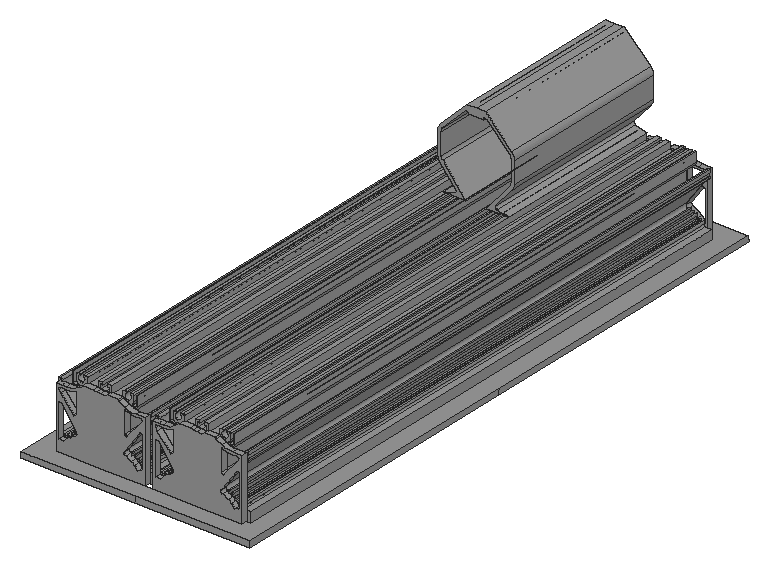
Revit family "L-street 48 Standart", category Осветительные приборы, Revit 2017 (continued)
Types (5, lengths in mm): name | built-in parameter 1150134 | Файл фотометрической сетки | built-in parameter 1150105 | Lumens | built-in parameter 1150106 | built-in parameter 1150142 | Wattage | built-in parameter 1150107 | Артикул
    0 394.1 398.6 403.2 408.1 412.7 416.8 420.2 423.6 427.4 431.9 437.2 443.6 450.4 458.6 467.8 478.1 488.9 500.4 512.6 525.2 538.3 550.5 561.4 569.2 573.5 573 566 550.8 523.8 483.7 426.3 358.3 287.2 226 175.3 132.2 89.9 55.3 36.1 25 16.8 13 11.4 10.1 9.1 8.4 7.8 7.2 6.8 6.3 5.8 5.4 5.1 4.8 4.6 4.1 3.2 2.8\r\n328.9 328.5 328.2 328.2 328.2 328.4 328.9 329.6 330.4 331.5 332.7 334 335.5 337.3 339.3 341.7 344.1 346.7 349.2 351.6 354.2 356.7 359.3 361.9 365 368.1 371.3 374.6 378.2 381.9 385.9 390.5 395.4 400.3 405.8 411.6 417.7 423.6 429 433.5 438.2 443.3 449.2 455.8 462.9 470.3 479 488.5 499.4 511.7 526 542.3 559.9 579.1 598.2 616.8 632.3 645.2 654.6 659.9 659.2 648.4 620.7 563.4 477.2 374.4 283.9 211.1 150.4 93 54.4 36.9 25.8 17.6 14 12.2 10.9 9.9 9.1 8.5 7.8 7.4 6.7 6.3 5.9 5.5 5.2 4.9 4.4 3.3 2.9\r\n328.9 328.5 328.3 328.3 328.5 328.8 329.3 330.1 331 332.2 333.4 334.8 336.4 338.2 340.3 342.5 344.9 347.4 350 352.6 355.1 357.6 360.2 362.9 365.9 368.9 372 375.3 378.8 382.5 386.5 391.1 396.3 401.6 407.5 413.8 420.8 427.5 433.8 439.1 444.6 450.3 457.4 465.6 474.8 485 496.5 508.6 522.2 536.9 552.8 569.8 587.4 606.2 625.2 644.8 662.4 678.1 690.6 700.2 705.2 700.9 677.7 619.9 527.1 411.5 307.8 226 157.1 93 55.9 38.9 27.5 18.9 14.9 13 11.6 10.5 9.8 9.1 8.4 7.9 7.2 6.7 6.2 5.8 5.5 5.2 4.6 3.4 2.9\r\n328.9 328.6 328.5 328.4 328.7 329.1 329.7 330.6 331.6 332.8 334.1 335.5 337.2 339.1 341.2 343.3 345.8 348.2 350.9 353.6 356.1 358.5 361.2 363.9 366.8 369.7 372.7 376 379.5 383.1 387.2 391.8 397.2 402.9 409.2 416.1 423.9 431.3 438.5 444.8 450.9 457.3 465.6 475.3 486.8 499.7 513.9 528.8 545.1 562 579.7 597.3 614.9 633.3 652.3 672.8 692.6 710.9 726.5 740.5 751.1 753.4 734.6 676.4 577.1 448.5 331.7 241 163.8 93.1 57.5 40.9 29.1 20.2 15.9 13.8 12.3 11.2 10.4 9.7 9 8.4 7.7 7.1 6.6 6.2 5.8 5.5 4.9 3.5 2.8\r\n328.9 328.6 328.5 328.6 328.9 329.3 330.1 331 332 333.3 334.7 336 337.9 339.8 342 344.3 347 349.4 352.1 355 357.6 360.1 362.8 365.6 368.5 371.5 374.5 377.7 381.2 384.8 388.9 393.5 398.8 404.6 411.1 418.5 426.6 434.3 441.8 448.1 454.5 461.5 470.8 481.7 494.7 509.3 525.6 543.2 562.8 583.2 605 627.4 649.8 673.3 697 721.2 744.1 764.1 778.2 783.6 777 755.4 714.5 642.8 541.4 421.1 315.5 229 151.8 86.9 55.2 38.9 27.8 20.1 16.2 14.2 12.6 11.6 10.7 10 9.3 8.6 8 7.4 6.8 6.4 6 5.7 5 3.6 2.9\r\n328.9 328.6 328.6 328.8 329.1 329.6 330.4 331.4 332.5 333.7 335.2 336.6 338.6 340.6 342.9 345.3 348.1 350.6 353.4 356.3 359 361.7 364.5 367.2 370.2 373.2 376.3 379.4 382.9 386.4 390.5 395.1 400.3 406.2 413.1 420.9 429.3 437.3 445 451.5 458 465.8 476 488.1 502.7 518.9 537.3 557.6 580.5 604.3 630.3 657.5 684.7 713.2 741.6 769.7 795.6 817.4 829.9 826.8 802.8 757.4 694.3 609.1 505.7 393.7 299.3 217 139.7 80.8 52.9 36.9 26.6 20 16.5 14.6 13 11.9 11.1 10.3 9.6 8.9 8.3 7.7 7.1 6.6 6.3 5.9 5.1 3.6 3\r\n328.9 328.7 328.8 328.9 329.3 330 330.8 331.9 333.1 334.4 336 337.6 339.6 341.7 344.2 346.7 349.5 352.1 355 357.9 360.7 363.5 366.4 369.2 372.3 375.3 378.4 381.5 385.1 388.8 393.1 397.8 403.2 409.1 416.2 424.2 432.7 440.8 448.6 454.7 460.9 468.4 478.4 490.1 504.2 519.7 537.4 557 579 602.2 627.4 653.9 680.8 709.8 739.9 771.3 801.5 829.4 850.7 859.9 847.5 808.1 741 643.7 528.7 412.9 318.2 234.4 150.2 84 54.9 37.9 27.2 20.8 17.3 15.2 13.5 12.4 11.5 10.7 10 9.3 8.6 7.9 7.3 6.9 6.5 6.1 5.3 3.8 3\r\n328.9 328.8 328.9 329 329.6 330.3 331.2 332.3 333.7 335.2 336.8 338.6 340.6 342.8 345.5 348.2 350.9 353.7 356.6 359.6 362.4 365.3 368.2 371.2 374.4 377.4 380.5 383.6 387.3 391.2 395.6 400.5 406 411.9 419.2 427.5 436 444.3 452.2 457.9 463.7 471 480.7 492.2 505.6 520.6 537.4 556.3 577.6 600 624.5 650.4 677 706.4 738.3 772.8 807.5 841.5 871.5 893.1 892.3 858.7 787.6 678.2 551.8 432 337.2 251.9 160.7 87.2 56.8 39 27.9 21.5 18 15.7 14.1 12.8 12 11.2 10.3 9.6 8.9 8.2 7.6 7.1 6.7 6.3 5.5 4 3.1\r\n328.9 329 329.5 330 330.7 331.9 333.2 334.6 336.2 338 339.8 341.8 344 346.5 349.2 352.1 354.9 357.8 360.7 363.6 366.4 369.2 372 374.9 377.8 380.7 383.9 387.3 391.1 395.4 400.3 405.6 411.7 418.6 427.2 436.3 444.8 452.4 459 464.7 471.7 481.1 492.7 506.6 522.4 540.2 559.7 581.7 605.8 631.5 658.1 685.9 714.5 745.8 778.3 812.3 846.4 879.2 904.3 916.2 905.6 859.1 774.4 661.5 532.7 402.1 293.1 196.3 120.8 68.8 45.8 31.7 22.8 18 15.4 13.6 12.3 11.3 10.5 9.8 9.1 8.5 7.9 7.3 6.9 6.5 6.1 5.5 4.3 3.3 2.9\r\n328.9 329.3 330.2 330.9 331.9 333.4 335.1 336.8 338.7 340.8 342.8 345 347.5 350.1 353 356 358.9 361.9 364.8 367.6 370.4 373.1 375.9 378.6 381.2 384 387.3 390.9 395 399.6 404.9 410.7 417.4 425.2 435.2 445.1 453.5 460.4 465.8 471.5 479.7 491.2 504.8 521 539.3 559.8 582 607.2 633.9 663 691.7 721.3 752.1 785.2 818.3 851.9 885.2 917 937 939.3 919 859.4 761.2 644.9 513.6 372.2 249 140.6 80.9 50.5 34.7 24.4 17.8 14.5 12.7 11.4 10.5 9.8 9.1 8.5 8 7.4 7 6.5 6.2 5.9 5.5 4.8 3.2 2.7 2.7\r\n328.9 329.4 330.2 331 332 333.4 335 336.7 338.6 340.6 342.6 344.7 347.1 349.6 352.4 355.2 358.1 360.9 363.6 366.2 368.8 371.4 374 376.6 379.2 382 385.3 388.8 392.6 397 402.2 407.8 414.4 421.9 431.2 440.5 448.4 454.9 460.4 466.2 474 484.8 497.7 513 530.2 549.4 569.9 593 617.3 643.5 669.5 695.9 722.8 751.4 780 808.5 835.6 860.9 877.7 881 869.3 832.1 763.8 664.3 532.5 377.6 247 136.9 77.5 48.8 34.8 24 17.1 14.1 12.4 11.1 10.2 9.6 8.9 8.3 7.8 7.2 6.8 6.3 6 5.7 5.4 4.7 3.1 2.7 2.7\r\n328.9 329.4 330.1 331 332.1 333.4 334.9 336.6 338.5 340.4 342.3 344.5 346.7 349.1 351.8 354.5 357.3 359.9 362.4 364.8 367.2 369.6 372.2 374.6 377.3 380.1 383.3 386.6 390.2 394.4 399.4 405 411.4 418.6 427.2 435.9 443.2 449.5 455 460.8 468.3 478.4 490.6 505 521.2 539.1 557.7 578.9 600.7 624.1 647.2 670.6 693.5 717.6 741.7 765.1 785.9 804.8 818.4 822.6 819.6 804.9 766.4 683.8 551.4 383.1 244.9 133.2 74 47.1 34.9 23.6 16.4 13.6 12.1 10.9 10 9.4 8.7 8.1 7.6 7 6.6 6.2 5.8 5.4 5.3 4.5 3 2.6 2.7\r\n328.9 329.4 330.2 331 332 333.3 334.7 336.2 338 339.7 341.5 343.5 345.5 347.8 350.3 353 355.7 358.2 360.7 363 365.4 367.8 370.3 372.8 375.5 378.3 381.5 384.8 388.6 392.8 397.6 403 409.3 416.1 424.2 432.5 439.5 445.4 450.6 455.9 462.5 471.1 481.3 493.2 506.3 520.8 536.2 553.5 571.6 591.3 611.2 631.8 652.8 675.7 698.9 722.2 742.8 761.3 775.1 781.3 780.2 768.4 735.8 659.6 539 387.4 258.5 153.6 86.2 51.2 36.2 25 17.1 13.6 12 10.8 9.8 9.2 8.5 8 7.4 6.9 6.5 6 5.7 5.4 5.1 4.5 3.1 2.7 2.7\r\n328.9 329.4 330.2 330.9 332 333.2 334.5 335.8 337.4 339.1 340.8 342.5 344.4 346.5 348.9 351.5 354.1 356.6 358.9 361.3 363.6 365.9 368.4 371 373.6 376.5 379.6 383.1 387 391.1 395.7 401 407.1 413.6 421.1 429 435.8 441.3 446.2 451 456.7 463.9 472 481.4 491.5 502.6 514.6 528.2 542.5 558.5 575.2 593 612 633.7 656.1 679.2 699.7 717.9 731.8 740 740.8 732 705.1 635.4 526.7 391.7 272.1 174 98.4 55.3 37.6 26.3 17.8 13.6 11.9 10.7 9.7 9 8.3 7.8 7.3 6.8 6.3 5.9 5.6 5.3 4.9 4.5 3.3 2.7 2.7\r\n328.9 329.5 330.3 331 332 333.1 334.2 335.5 337 338.5 340.1 341.6 343.4 345.3 347.5 350 352.5 354.9 357.3 359.6 361.8 364 366.3 368.6 371.2 373.8 376.8 380.1 383.8 387.6 392 396.7 402.2 408 414.6 421.4 427.4 432.1 436.2 439.9 444.1 449.8 456.5 464.2 472.4 481.7 492.1 504.3 517.4 532 547.1 562.9 578.6 594.9 610.3 625.2 636.8 644.4 646.8 642.2 628.3 601.4 558.5 487.4 398.1 300.5 218.4 153.5 97.9 57.3 37.8 25.4 16.7 12.7 11.3 10.1 9.1 8.4 7.8 7.3 6.8 6.4 5.9 5.5 5.2 4.9 4.6 4.3 3.2 2.7 2.7\r\n328.9 329.6 330.4 331 332 333 334 335.2 336.5 338 339.5 340.8 342.3 344.1 346.2 348.5 350.9 353.2 355.7 357.9 360.1 362.1 364.1 366.3 368.7 371.1 374 377.1 380.5 384.1 388.2 392.4 397.3 402.4 408 413.7 419 423 426.2 428.7 431.6 435.7 440.9 447 453.3 460.7 469.6 480.4 492.2 505.5 519.1 532.8 545.2 556 564.6 571.2 573.9 570.8 561.8 544.4 515.9 470.9 411.9 339.3 269.5 209.3 164.6 132.9 97.4 59.2 38 24.5 15.6 11.9 10.6 9.5 8.6 7.9 7.3 6.7 6.4 5.9 5.5 5.1 4.9 4.6 4.3 4 3 2.6 2.6\r\n328.9 329.6 330.3 330.9 331.7 332.6 333.5 334.6 335.8 337.1 338.4 339.6 341 342.5 344.5 346.6 348.8 351.1 353.5 355.6 357.6 359.4 361.2 363.2 365.5 367.9 370.6 373.6 377 380.4 384 387.7 391.8 395.9 400.4 404.8 409 412.2 414.8 416.7 419.1 422.5 426.9 432.4 438.2 444.8 451.8 459.6 467.6 476.2 484.4 492.1 497.8 501.1 501.5 498.2 489.1 471.8 446.9 414.5 377.6 335.3 291 243.7 199.4 161.3 132.5 111.4 88.8 60 38.2 24.5 15.5 11.5 10.1 9.1 8.1 7.4 6.8 6.3 5.9 5.6 5.2 4.8 4.5 4.3 4.1 3.8 3 2.6 2.6\r\n328.9 329.6 330.2 330.8 331.5 332.2 333 334 335.1 336.2 337.4 338.4 339.6 341 342.7 344.6 346.8 349 351.2 353.2 355.2 356.8 358.4 360.1 362.3 364.7 367.2 370.2 373.4 376.6 379.9 382.9 386.3 389.4 392.8 395.9 399 401.5 403.4 404.8 406.6 409.3 413 417.7 423.2 428.9 434.1 438.8 443 446.9 449.6 451.3 450.4 446.3 438.5 425.2 404.4 372.8 332.1 284.5 239.3 199.8 170 148 129.3 113.3 100.4 90 80.2 60.7 38.4 24.6 15.5 11.1 9.6 8.7 7.7 6.9 6.3 5.9 5.5 5.2 4.9 4.5 4.2 4 3.8 3.6 2.9 2.7 2.6\r\n328.9 329.6 330.1 330.7 331.3 331.9 332.7 333.7 334.6 335.6 336.6 337.5 338.6 339.9 341.4 343.2 345.2 347.2 349.1 350.9 352.7 354.2 355.8 357.6 359.7 362.1 364.5 367.1 369.7 372.2 374.7 377.2 379.9 382.5 385.1 387.6 390 392.2 394 395.5 397.2 398.9 400.9 403.2 405.8 408.1 409.5 410 409.2 407 401.9 393.5 379.6 360.7 338.2 313.8 287.4 259.5 230.5 200.1 171.3 146.3 126.5 111.3 98.3 88 80.3 73.6 62.6 45.5 29.8 19.7 12.9 9.9 8.7 7.8 6.9 6.3 5.7 5.3 5 4.7 4.4 4.1 3.8 3.6 3.4 3.1 2.7 2.6 2.5\r\n328.9 329.6 330 330.5 331 331.7 332.4 333.3 334.1 335 335.7 336.6 337.5 338.9 340.2 341.7 343.6 345.5 347 348.7 350.2 351.6 353.2 355.1 357.2 359.5 361.8 364 366 367.9 369.5 371.4 373.5 375.5 377.4 379.4 381.1 382.8 384.6 386.2 387.8 388.6 388.8 388.6 388.5 387.4 384.9 381.1 375.4 367.2 354.2 335.6 308.8 275.2 237.8 202.4 170.4 146.1 128.9 115.6 103.3 92.8 83 74.7 67.3 62.7 60.1 57.1 45.1 30.4 21.1 14.9 10.4 8.8 7.8 6.9 6.2 5.6 5.1 4.8 4.5 4.1 3.9 3.7 3.5 3.3 3.1 2.7 2.5 2.5 2.5\r\n328.9 329.5 329.8 330.3 330.6 331.2 331.7 332.4 333 333.7 334.2 334.8 335.4 336.4 337.3 338.6 340.1 341.7 343.1 344.6 346.1 347.4 348.8 350.3 352 353.8 355.5 357.1 358.6 360 361.2 362.3 363.6 365 366.4 368.1 369.5 370.4 370.9 370.8 370.5 369.4 367.5 364.9 361.4 356.8 349.7 339.5 325 306.7 283.4 257 228.1 199.7 172.9 149.4 128.6 112.2 99.6 89.2 79.7 71.9 64.6 58.5 52.9 49.3 46.4 42.2 33.6 24.5 18.4 13.7 10.1 8.5 7.6 6.7 6 5.3 4.8 4.5 4.3 3.9 3.7 3.5 3.3 3.1 3 2.6 2.4 2.4 2.4\r\n328.9 329.4 329.7 330 330.2 330.6 331 331.5 332 332.4 332.7 332.9 333.3 333.9 334.5 335.5 336.6 337.9 339.3 340.6 341.9 343.2 344.4 345.6 346.8 348.1 349.2 350.3 351.3 352.1 352.9 353.2 353.7 354.4 355.4 356.8 357.8 358 357.2 355.5 353.3 350.3 346.3 341.1 334.4 326.1 314.5 297.9 274.7 246.3 212.5 178.4 147.3 124.1 108 96.4 86.8 78.2 70.2 62.8 56.2 50.9 46.3 42.4 38.6 35.9 32.7 27.2 22.1 18.6 15.6 12.5 9.8 8.3 7.4 6.5 5.8 5.1 4.6 4.2 4.1 3.8 3.5 3.4 3.2 3 2.9 2.5 2.3 2.4 2.4\r\n328.9 329.4 329.6 329.8 330 330.2 330.4 330.7 330.9 331.1 331.2 331.3 331.4 331.6 332 332.8 333.6 334.8 335.8 337 338 339 339.9 340.7 341.5 342.3 343 343.7 344.2 344.5 344.8 344.9 345.1 345.2 345.2 345.4 345.1 344 342.1 339.1 334.9 329.9 323.6 315.4 304.1 289.5 270.1 246.3 218.3 189.8 161.8 137.2 116 100.1 88.3 79.2 71.4 64.3 57.9 52.2 47.2 43.1 39.5 36.3 33 30.2 27.2 23.3 19.6 16.9 14.4 11.8 9.5 8.3 7.4 6.6 5.8 5.1 4.5 4.1 3.9 3.6 3.4 3.3 3.1 2.9 2.8 2.5 2.3 2.3 2.4\r\n328.9 329.4 329.6 329.7 329.7 329.7 329.8 329.9 329.9 329.9 329.8 329.7 329.4 329.3 329.6 330 330.6 331.6 332.4 333.3 334.1 334.8 335.4 335.7 336.1 336.4 336.8 337 337.1 336.9 336.8 336.5 336.5 336.1 335 333.9 332.3 330.1 327 322.6 316.6 309.6 301 289.7 273.8 252.8 225.7 194.7 161.9 133.3 111 96 84.7 76.1 68.6 62 56 50.4 45.5 41.6 38.2 35.3 32.8 30.2 27.3 24.4 21.7 19.4 17.2 15.2 13.1 11 9.3 8.2 7.4 6.7 5.8 5.1 4.4 3.9 3.8 3.5 3.4 3.2 3 2.9 2.8 2.5 2.2 2.3 2.4\r\n328.9 329.3 329.4 329.4 329.3 329.2 329 328.9 328.7 328.5 328.2 327.9 327.5 327.2 327.2 327.5 327.9 328.5 329.1 329.6 330 330.3 330.4 330.6 330.7 330.8 330.8 330.7 330.4 330 329.4 328.5 327.5 326 324.1 321.7 318.8 314.9 310.1 304 296 286 272.6 255.5 233.2 207 178.6 151.5 126.8 106.9 91.5 80.4 71.6 64.3 58 52.5 47.6 43.4 39.8 36.8 34.2 31.8 29.5 27.1 24.8 22.5 20.3 18.4 16.5 14.8 13.1 11.5 9.9 8.6 7.6 6.8 6 5.3 4.5 4 3.7 3.5 3.3 3.1 2.9 2.8 2.7 2.5 2.2 2.2 2.3\r\n328.9 329.3 329.2 329.1 328.8 328.6 328.2 328 327.6 327.1 326.6 326.1 325.5 325.2 324.9 325 325.1 325.4 325.7 325.8 325.9 325.7 325.4 325.4 325.3 325.2 324.8 324.4 323.8 323 322.1 320.5 318.5 316 313.1 309.5 305.4 299.8 293.2 285.4 275.5 262.4 244.2 221.4 192.6 161.2 131.4 108.3 91.8 80.6 72 64.9 58.4 52.6 47.4 43 39.3 36.3 34 32.1 30.3 28.3 26.1 24.1 22.3 20.7 18.9 17.3 15.8 14.4 13.1 11.9 10.5 8.9 7.8 7 6.2 5.5 4.7 4 3.6 3.4 3.2 3.1 2.9 2.7 2.6 2.4 2.3 2.1 2.2\r\n328.9 329.2 329.1 328.9 328.5 328.1 327.6 327.1 326.5 325.8 325 324.2 323.5 322.9 322.5 322.3 322.2 322.1 322 321.7 321.1 320.5 319.8 319.4 319 318.6 318.3 318 317.4 316.3 314.8 312.5 309.6 306 301.6 296.4 290.5 283 273.9 262.7 247.9 229.2 205.3 179.3 152 127.2 106.1 90 78 69.4 62.5 56.6 51.2 46.4 42.2 38.8 35.9 33.6 31.7 29.9 28.2 26.4 24.5 22.9 21.5 20.1 18.6 17.3 16.1 14.8 13.7 12.7 11.6 10.2 8.7 7.5 6.6 5.9 5 4.3 3.7 3.4 3.2 3 2.9 2.7 2.6 2.4 2.2 2.1 2.2\r\n328.9 329.2 329 328.7 328.2 327.6 326.9 326.2 325.4 324.4 323.3 322.2 321.4 320.7 320.1 319.6 319.2 318.9 318.4 317.5 316.4 315.2 314.1 313.3 312.6 312.1 311.8 311.6 311 309.7 307.4 304.5 300.7 295.9 290.2 283.3 275.6 266.1 254.6 240 220.4 195.9 166.4 137.2 111.4 93.3 80.7 71.7 64.3 58.2 53 48.3 43.9 40.2 37.1 34.6 32.6 31 29.4 27.8 26.1 24.4 22.9 21.8 20.7 19.5 18.4 17.3 16.4 15.3 14.4 13.5 12.7 11.5 9.6 8 7 6.2 5.3 4.5 3.8 3.4 3.1 2.9 2.9 2.7 2.6 2.4 2.2 2.1 2.1\r\n328.9 329.1 328.9 328.5 327.9 327.2 326.4 325.6 324.6 323.3 322 320.8 319.8 318.9 318.2 317.5 316.8 316.1 315.1 313.9 312.4 310.9 309.5 308.4 307.3 306.4 305.9 305.3 304.4 302.7 300.3 297.2 293.3 288 281.6 274 265.3 254.3 240.7 223.1 200.5 173.9 145 119.4 98.6 84.1 73.5 65.7 59.1 54 49.5 45.3 41.5 38.2 35.5 33.3 31.4 29.8 28.2 26.6 25.1 23.6 22.2 21.1 20.2 19.3 18.5 17.7 16.9 16 15.1 14.3 13.5 12.5 11.1 9.6 7.9 6.6 5.7 4.9 4.1 3.5 3.2 2.9 2.8 2.7 2.6 2.4 2.2 2.1 2.1\r\n328.9 329.1 328.8 328.3 327.6 326.8 325.8 324.9 323.7 322.1 320.6 319.3 318.2 317 316.2 315.3 314.4 313.3 311.9 310.3 308.3 306.6 305 303.4 302 300.8 300 299.1 297.7 295.7 293.1 289.8 285.8 280.1 273 264.6 254.9 242.5 226.9 206.2 180.6 151.8 123.5 101.5 85.7 74.9 66.3 59.6 54 49.7 45.9 42.3 39 36.3 34 31.9 30.2 28.6 27 25.5 24.1 22.7 21.5 20.5 19.7 19.1 18.6 18 17.3 16.6 15.8 15 14.3 13.4 12.5 11.1 8.7 7.1 6.1 5.3 4.4 3.5 3.2 2.9 2.8 2.7 2.6 2.4 2.2 2.1 2\r\n328.9 329 328.7 328.1 327.3 326.4 325.3 324.1 322.7 320.9 319.1 317.6 316.3 315.1 313.9 312.8 311.5 309.9 307.9 305.7 303.5 301.4 299.5 297.5 295.7 294.2 292.6 290.6 288.1 285 281.6 277.4 272.1 265.3 257.3 247.5 235.5 219.7 200.5 176.6 150.6 125.6 104.1 88.2 76.4 67.6 60.4 54.7 50.1 46.5 43.3 40.4 37.5 35.2 33 31.1 29.4 28 26.4 25 23.6 22.4 21.1 20.3 19.8 19.2 18.7 18 17.3 16.6 15.9 15.5 15 14.4 13.9 12.8 11 9.1 7.1 5.8 4.8 3.9 3.3 3 2.8 2.7 2.6 2.4 2.2 2 2\r\n328.9 328.9 328.5 327.8 327 326 324.7 323.4 321.7 319.7 317.6 315.9 314.5 313.1 311.6 310.2 308.6 306.4 303.9 301.2 298.6 296.2 294 291.5 289.5 287.6 285.2 282.1 278.4 274.4 270.2 265 258.4 250.5 241.6 230.5 216 196.9 174.1 147 120.5 99.5 84.7 74.9 67 60.3 54.4 49.8 46.1 43.3 40.8 38.5 36.1 34 32 30.2 28.6 27.3 25.9 24.5 23.1 22 20.8 20.1 19.8 19.3 18.8 18 17.2 16.6 16.1 15.9 15.7 15.4 15.2 14.6 13.2 11.1 8.1 6.3 5.2 4.2 3.4 3 2.8 2.7 2.6 2.4 2.2 1.9 2\r\n328.9 328.9 328.5 327.7 326.8 325.6 324.3 322.8 320.9 318.7 316.5 314.6 312.9 311.3 309.7 307.9 305.7 303.1 300.1 297.1 294.1 291.4 288.9 286.5 284.2 281.7 278.6 274.9 270.7 266.1 260.9 254.6 247 238.2 228 214.8 198.1 176.2 151.4 125.6 103.6 87.8 76.3 68 61 55.2 50.3 46.6 43.7 41.5 39.4 37.3 35.1 33.1 31.3 29.7 28.2 27.1 25.8 24.6 23.2 22.1 21 20.3 19.9 19.4 19 18.3 17.7 17.1 16.5 16.2 16.1 15.8 15.4 14.6 13.5 11.9 9.7 7.9 5.9 4.6 3.8 3.2 2.8 2.7 2.5 2.4 2.2 2 2\r\n328.9 328.9 328.4 327.6 326.6 325.3 323.9 322.1 320.2 317.7 315.5 313.3 311.3 309.6 307.8 305.5 302.9 299.7 296.3 292.9 289.7 286.5 283.8 281.4 278.9 275.8 272.1 267.7 263 257.7 251.6 244.2 235.6 225.9 214.3 199.1 180.2 155.6 128.7 104.2 86.8 76 67.9 61.1 55 50 46.2 43.4 41.2 39.
    6 38 36.2 34.2 32.2 30.6 29.2 27.9 26.8 25.7 24.6 23.4 22.3 21.2 20.5 20 19.6 19.2 18.7 18.2 17.5 16.9 16.6 16.6 16.2 15.6 14.7 13.8 12.6 11.3 9.5 6.7 5 4.1 3.3 2.9 2.6 2.5 2.3 2.1 2 2\r\n328.9 328.9 328.4 327.5 326.4 325.1 323.6 321.7 319.6 317.1 314.7 312.3 310.2 308.2 306.1 303.5 300.4 296.8 293 289.3 285.8 282.4 279.6 276.9 274.1 270.5 266.3 261.4 256.2 250.1 243.2 235.1 226 215.2 202.2 185.4 164.9 140.2 115.8 95.1 80.7 71.6 64.3 57.9 52.3 47.8 44.6 42.2 40.4 39 37.5 35.7 33.8 31.9 30.4 29.1 27.9 26.8 25.6 24.5 23.5 22.5 21.6 20.9 20.4 20 19.7 19.3 18.7 17.9 17.1 16.4 16.1 15.7 15.1 14.4 13.4 12 10.7 9.2 7.3 5.8 4.5 3.6 3 2.7 2.4 2.3 2.1 2 2\r\n328.9 328.9 328.4 327.4 326.2 324.9 323.3 321.3 319 316.4 313.9 311.3 309 306.8 304.4 301.5 297.9 293.8 289.8 285.7 281.9 278.3 275.3 272.4 269.3 265.2 260.5 255.1 249.3 242.6 234.8 226.1 216.3 204.5 190.1 171.6 149.6 124.8 102.9 85.9 74.6 67.1 60.6 54.8 49.6 45.7 42.9 41 39.6 38.4 37 35.3 33.4 31.7 30.2 29 27.9 26.8 25.5 24.4 23.6 22.6 21.9 21.3 20.7 20.4 20.3 20 19.3 18.3 17.3 16.3 15.6 15.2 14.6 14 13 11.4 10.1 9 8 6.6 5 3.8 3.1 2.7 2.4 2.3 2.1 1.9 1.9\r\n328.9 328.9 328.2 327.1 325.9 324.5 322.8 320.6 318.3 315.7 313.1 310.5 308 305.6 302.9 299.6 295.7 291.3 287 282.6 278.7 275.2 272.2 269.1 265.7 261.3 256.3 250.5 244.3 237 228.7 219.3 208.6 195.5 179.4 159.1 136 112.5 93.6 79.8 70.4 63.7 57.4 51.9 47.3 44.1 41.9 40.3 39 37.9 36.5 34.9 33.1 31.6 30.2 28.9 27.6 26.4 25.3 24.4 23.6 23 22.6 22.3 22.1 21.9 21.5 20.7 19.8 18.7 17.6 16.5 15.6 14.8 13.9 13.2 12.1 10.9 9.8 8.8 7.7 6.5 5.2 4 3.1 2.7 2.4 2.3 2.1 1.9 1.9\r\n328.9 328.8 328 326.8 325.5 324.1 322.3 320 317.6 314.9 312.2 309.6 307 304.3 301.4 297.6 293.5 288.8 284.2 279.5 275.5 272 269 265.9 262 257.3 252 245.8 239.2 231.4 222.7 212.6 201 186.6 168.7 146.5 122.3 100.1 84.4 73.6 66.3 60.4 54.3 48.9 44.9 42.4 40.8 39.5 38.4 37.3 35.9 34.5 32.8 31.5 30.3 28.7 27.3 26.1 25.2 24.3 23.7 23.4 23.2 23.4 23.4 23.3 22.6 21.5 20.3 19.1 17.8 16.7 15.6 14.4 13.2 12.3 11.3 10.5 9.6 8.6 7.5 6.4 5.4 4.1 3.2 2.6 2.4 2.2 2.1 1.9 1.9\r\n328.9 328.8 328 326.8 325.6 324 322.1 319.8 317.3 314.6 311.8 309.2 306.4 303.5 300.2 296.1 291.6 286.6 281.7 276.8 272.7 269.1 266.1 262.7 258.6 253.5 248 241.7 234.8 226.8 217.9 207.5 195.5 180.5 162.1 139.5 116 95.4 81.2 71.4 64.5 58.7 52.6 47.6 44.1 42 40.5 39.4 38.3 37.2 35.9 34.6 33.2 31.7 30.3 28.8 27.5 26.4 25.5 24.9 24.6 24.5 24.4 24.3 24.2 23.9 23.2 22.2 20.9 19.6 18.3 17.1 15.9 14.7 13.7 12.8 11.8 10.8 9.9 8.8 7.8 6.7 5.7 4.6 3.5 2.8 2.5 2.2 2.1 1.9 1.9\r\n328.9 328.8 328 326.8 325.6 323.9 321.9 319.6 317 314.2 311.4 308.7 305.8 302.6 299 294.5 289.6 284.3 279.2 274.1 269.9 266.3 263.1 259.5 255.2 249.8 244 237.6 230.5 222.2 213.2 202.5 190.1 174.5 155.5 132.5 109.6 90.7 78 69.1 62.8 57 50.9 46.2 43.3 41.5 40.3 39.3 38.3 37.1 36 34.8 33.6 31.9 30.3 28.9 27.7 26.6 25.9 25.5 25.4 25.6 25.5 25.2 24.9 24.4 23.8 22.8 21.6 20.2 18.7 17.4 16.1 15 14.1 13.3 12.3 11.2 10.2 9 8 6.9 6 5.1 3.8 3 2.5 2.2 2.1 1.9 1.9\r\n328.9 328.9 328.2 327.1 325.7 324 322.1 319.8 317.3 314.4 311.6 308.9 305.9 302.7 299 294.5 289.5 284.1 278.8 273.5 269 265.2 261.9 258.1 253.6 248.1 242.1 235.5 228.2 219.8 210.5 199.7 186.9 170.9 151.6 128.7 106.5 88.7 77 68.5 62.4 56.6 50.7 46.1 43.2 41.6 40.4 39.5 38.4 37.3 36.1 35 33.7 32 30.4 29 27.9 27 26.4 26.2 26.3 26.2 25.7 25.3 24.9 24.5 23.9 23 21.7 20.3 18.8 17.4 16.1 15.1 14.2 13.3 12.2 11.2 10.1 8.9 7.8 6.6 5.5 4.6 3.7 3 2.6 2.2 2.1 1.9 1.9\r\n328.9 328.9 328.4 327.3 325.8 324.1 322.3 320 317.5 314.7 311.9 309.1 306.1 302.8 299 294.4 289.4 283.8 278.3 272.9 268.2 264.1 260.6 256.7 252 246.4 240.3 233.4 226 217.4 207.9 196.8 183.7 167.4 147.8 124.9 103.3 86.7 75.9 67.9 62 56.3 50.4 46 43.1 41.6 40.5 39.7 38.5 37.5 36.3 35.3 33.8 32.1 30.5 29.2 28.1 27.3 26.9 27 27.1 26.8 26 25.4 25 24.6 24 23.1 21.9 20.4 18.9 17.3 16.1 15.2 14.2 13.2 12.2 11.1 9.9 8.8 7.7 6.3 5 4.1 3.5 3 2.6 2.3 2.1 1.9 1.9\r\n328.9 328.8 328 326.9 325.4 323.7 321.8 319.4 316.9 314 311.2 308.4 305.4 302 298.2 293.5 288.4 282.7 277.2 271.7 267 263.1 259.6 255.6 250.7 244.9 238.7 231.9 224.4 215.9 206.4 195.2 181.8 165.1 144.9 121.7 100.3 84.5 74.4 66.8 61 55.1 49.4 45.3 42.7 41.4 40.3 39.4 38.3 37.2 36.1 35 33.4 31.6 30.1 28.9 27.8 27.2 27 27.1 27.1 26.6 25.8 25.2 24.9 24.6 23.9 23 21.8 20.3 18.7 17.2 15.9 14.9 14 13.1 12 11 9.7 8.5 7.3 6.1 4.7 4 3.4 2.9 2.5 2.2 2.1 2 1.9\r\n328.9 328.6 327.7 326.6 325.1 323.3 321.3 318.9 316.3 313.4 310.6 307.8 304.7 301.3 297.4 292.6 287.4 281.7 276 270.5 265.9 262.1 258.5 254.5 249.5 243.5 237.2 230.3 222.8 214.3 204.9 193.6 179.9 162.7 142.1 118.4 97.2 82.4 73 65.8 59.9 54 48.4 44.5 42.3 41.1 40.1 39.2 38 36.9 35.9 34.7 32.9 31.1 29.8 28.5 27.6 27.1 27.1 27.3 27 26.5 25.6 25 24.8 24.6 23.9 23 21.7 20.2 18.5 17.1 15.8 14.7 13.9 12.9 11.8 10.8 9.4 8.2 7 5.8 4.5 3.9 3.2 2.8 2.4 2.2 2 2 1.9\r\n" | 57.3037 W | 5000 (stored number, unit not read) | "312111"
